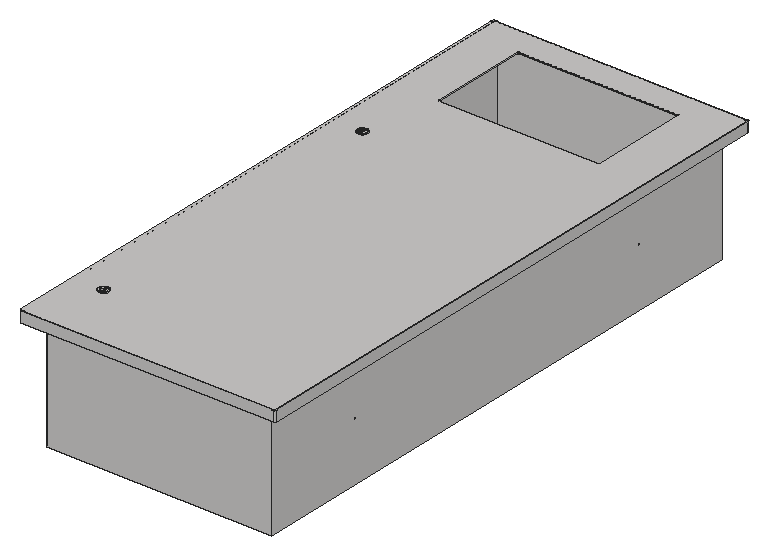
Revit family "Waste_Receptacle-Bobrick-TrimLineSeries-B-35643", category Specialty Equipment, host Face, Revit 2019
Family settings
  Host = Face
  Round Connector Dimension = Use Diameter
  Part Type = Normal
  OmniClass Number = 23.40.20.31
  OmniClass Title = Refuse Disposal Furniture
  Cut with Voids When Loaded = No
  Shared = Yes
  Room Calculation Point = No
Parameters (values of type "B-35643")
  Width = 17 5/16"
  Warranty Information = "1 Year Limited Warranty"
  Warranty Documentation Link = "https://www.bobrick.com/wp-content/uploads/product_warranties-6.pdf"
  URL = "http://bobrick.com/"
  Type Comments = ""
  Specification = "Recessed waste receptacle shall be Type-304 stainless steel with all-welded construction; exposed surfaces shall have satin fi nish. Door shall be Type-304, 18 gauge (1.2mm) secured to cabinet with a concealed, full-length stainless steel piano-hinge, cable door-swing limiter and equipped with two tumbler locks keyed like other Bobrick washroom accessories. Waste receptacle shall be furnished with a removable, leak-proof, rigid molded plastic waste-container with a minimum capacity of 12-gal. (45.4-L)."
  Revised Date = "11/03/2020"
  Product Page URL = "https://www.bobrick.com/products/washroom-accessories/washroom-accessories-catalog/product/b-35643/"
  Product Documentation Link = "https://www.bobrick.com/wp-content/uploads/B-35643_td.pdf"
  Price = "Prices may vary. Please consult Manufacturer Representative for most up-to-date price list."  # constant formula
  Model = "B-35643"
  Materials = "Stainless Steel-Bobrick-Type 304-Satin"
  Manufacturer = "Bobrick Washroom Equipment, Inc."
  Length = 8 3/8"
  Installation Type = "Recessed"
  Height = 40 1/16"
  Finish = Stainless Steel-Bobrick-Type 304-Satin
  Description = "TrimLineSeries™ Recessed Waste Receptacle"
  Default Elevation = 48"
  Creation Date = "05/31/2017"
  Assembly Code = "E1090900"
  ADA Compliant = yes
Reference planes (in)
  plane 1 "Center (Front/Back)": y = 0
  plane 2: z = 0
  plane 3 "Center (Left/Right)": x = 0
  plane 4: x = -8.65625
  plane 5: x = 8.65625
  plane 6: y = -38.0625
  plane 7: y = -19.03125
  plane 8: y = 1
  plane 9: y = -39.0625
  plane 10: z = 7.5
  plane 11: z = -7.625
  plane 12: z = 0.75
  plane 13: x = -7.625
  plane 14: x = 7.625
  plane 15: y = -31.0625
  plane 16: y = -7.0625
  plane 17: z = -3.625
Forms (in)
  Sweep 1, solid, material "Stainless Steel-Bobrick-Type 304-Satin" <- "Finish"
    path origin (9.88933, 33.1857, 0) x (1, 0, 0) y (0, 1, 0)
      loop
        arc (-18.42058, -32.1857) -> (-18.50897, -32.22231) -> (-18.54558, -32.3107) r 0.125
        line (-18.54558, -32.3107) -> (-18.54558, -72.1232)
        arc (-18.54558, -72.1232) -> (-18.50897, -72.21159) -> (-18.42058, -72.2482) r 0.125
        line (-18.42058, -72.2482) -> (-1.35808, -72.2482)
        arc (-1.35808, -72.2482) -> (-1.26969, -72.21159) -> (-1.23308, -72.1232) r 0.125
        line (-1.23308, -72.1232) -> (-1.23308, -32.3107)
        arc (-1.23308, -32.3107) -> (-1.26969, -32.22231) -> (-1.35808, -32.1857) r 0.125
        line (-1.35808, -32.1857) -> (-18.42058, -32.1857)
    profile origin (0, 1, 0) x (0, 1, 0) y (0, 0, 1)
      loop
        line (0, 0) -> (0, 0.71875)
        arc (0, 0.71875) -> (-0.00915, 0.74085) -> (-0.03125, 0.75) r 0.03125
        line (-0.03125, 0.75) -> (-0.12391, 0.75) -> (-0.12391, 0) -> (0, 0)
  Extrusion 2, solid, material "Stainless Steel-Bobrick-Type 304-Satin" <- "Finish"
    sketch origin (0, 0, 0) x (1, 0, 0) y (0, 1, 0)
      loop
        line (-7.625, -38.0625) -> (7.625, -38.0625) -> (7.625, 0) -> (-7.625, 0) -> (-7.625, -38.0625)
      loop
        line (7.59375, -0.03125) -> (-7.59375, -0.03125) -> (-7.59375, -38.03125) -> (7.59375, -38.03125) -> (7.59375, -0.03125)
    from -7.625 to 0.625
  Extrusion 3, solid, material "Stainless Steel-Bobrick-Type 304-Satin" <- "Finish"
    sketch origin (0, 0, 0) x (1, 0, 0) y (0, 1, 0)
      loop
        line (-7.625, 0) -> (-7.625, -38.0625) -> (7.625, -38.0625) -> (7.625, 0) -> (-7.625, 0)
    from -7.625 to -7.5625
  Extrusion 4, solid, material "Stainless Steel-Bobrick-Type 304-Satin" <- "Finish"
    sketch origin (0, 0, 0.6875) x (1, 0, 0) y (0, 1, 0)
      loop
        line (-8.53234, 0.87609) -> (-8.53234, -38.93859) -> (8.53234, -38.93859) -> (8.53234, 0.87609) -> (-8.53234, 0.87609)
      loop
        arc (5.46875, -1.02196) -> (5.43214, -0.93357) -> (5.34375, -0.89696) r 0.125
        line (5.34375, -0.89696) -> (-5.34375, -0.89696)
        arc (-5.34375, -0.89696) -> (-5.43214, -0.93357) -> (-5.46875, -1.02196) r 0.125
        line (-5.46875, -1.02196) -> (-5.46875, -7.52196)
        arc (-5.46875, -7.52196) -> (-5.43214, -7.61035) -> (-5.34375, -7.64696) r 0.125
        line (-5.34375, -7.64696) -> (5.34375, -7.64696)
        arc (5.34375, -7.64696) -> (5.43214, -7.61035) -> (5.46875, -7.52196) r 0.125
        line (5.46875, -7.52196) -> (5.46875, -1.02196)
    from 0 to 0.0625
  Extrusion 5, void
    sketch origin (0, 0, 0) x (0, 1, 0) y (0, 0, 1)
      loop
        circle (-31.0625, -3.625) r 0.10937
      loop
        circle (-7.0625, -3.625) r 0.10937
    from -7.625 to 7.625
  Extrusion 6, void
    sketch origin (0, 0, 0) x (1, 0, 0) y (0, 1, 0)
      loop
        line (-7.75, 0.125) -> (-7.75, -38.1875) -> (7.75, -38.1875) -> (7.75, 0.125) -> (-7.75, 0.125)
    from -7.71381 to 0
  Extrusion 7, void
    sketch origin (-11.2758, 3.49327, 0.1875) x (-1, 0, 0) y (0, -1, 0)
      loop
        line (-4.78434, 15.987) -> (-4.70234, 15.987) -> (-4.70234, 16.10642)
        arc (-4.70234, 16.10642) -> (-4.61659, 16.22543) -> (-4.70234, 16.34445) r 0.12547
        line (-4.70234, 16.34445) -> (-4.70234, 16.377) -> (-4.78434, 16.377) -> (-4.78434, 16.34356)
        arc (-4.78434, 16.34356) -> (-4.86753, 16.22543) -> (-4.78434, 16.1073) r 0.12547
        line (-4.78434, 16.1073) -> (-4.78434, 15.987)
      loop
        line (-4.72772, 16.01825) -> (-4.72772, 16.34575) -> (-4.75897, 16.34575) -> (-4.75897, 16.01825) -> (-4.72772, 16.01825)
    from 0.53249 to 0.58531
  Revolve 8, solid, material "Stainless Steel-Bobrick-Type 304-Satin" <- "Finish"
    sketch origin (-6.54134, -14.01889, -3.48742) x (0, -1, 0) y (0, 0, 1)
      loop
        line (-1.31454, 3.98742) -> (-0.97157, 3.98742) -> (-0.97157, 4.23742) -> (-1.00305, 4.20594)
        arc (-1.00305, 4.20594) -> (-1.01228, 4.2282) -> (-1.03454, 4.23742) r 0.03148
        line (-1.03454, 4.23742) -> (-1.31454, 4.23742) -> (-1.31454, 3.98742)
      axis (-1.31454, 3.98742) -> (-1.31454, 4.23742)
    angle from 0 to 360
  Extrusion 9, void
    sketch origin (-11.2758, -18.38439, 0.1875) x (-1, 0, 0) y (0, -1, 0)
      loop
        line (-4.78434, 15.987) -> (-4.70234, 15.987) -> (-4.70234, 16.10642)
        arc (-4.70234, 16.10642) -> (-4.61659, 16.22543) -> (-4.70234, 16.34445) r 0.12547
        line (-4.70234, 16.34445) -> (-4.70234, 16.377) -> (-4.78434, 16.377) -> (-4.78434, 16.34356)
        arc (-4.78434, 16.34356) -> (-4.86753, 16.22543) -> (-4.78434, 16.1073) r 0.12547
        line (-4.78434, 16.1073) -> (-4.78434, 15.987)
      loop
        line (-4.72772, 16.01825) -> (-4.72772, 16.34575) -> (-4.75897, 16.34575) -> (-4.75897, 16.01825) -> (-4.72772, 16.01825)
    from 0.53249 to 0.58531
  Revolve 10, solid, material "Stainless Steel-Bobrick-Type 304-Satin" <- "Finish"
    sketch origin (-6.54134, -35.89656, -3.48742) x (0, -1, 0) y (0, 0, 1)
      loop
        line (-1.31454, 3.98742) -> (-0.97157, 3.98742) -> (-0.97157, 4.23742) -> (-1.00305, 4.20594)
        arc (-1.00305, 4.20594) -> (-1.01228, 4.2282) -> (-1.03454, 4.23742) r 0.03148
        line (-1.03454, 4.23742) -> (-1.31454, 4.23742) -> (-1.31454, 3.98742)
      axis (-1.31454, 3.98742) -> (-1.31454, 4.23742)
    angle from 0 to 360
Cuts and joins
  Extrusion 5, Extrusion 7, Extrusion 9 cuts Sweep 1
  Extrusion 5, Extrusion 7, Extrusion 9 cuts Extrusion 2
  Extrusion 5, Extrusion 7, Extrusion 9 cuts Extrusion 3
  Extrusion 5, Extrusion 7, Extrusion 9 cuts Extrusion 4
  joined: Sweep 1, Extrusion 2, Extrusion 3, Extrusion 4
  Extrusion 7, Extrusion 9 cuts Revolve 8
  Extrusion 9 cuts Revolve 10
Lines and regions (in)
  Masking region 1
    outline origin (0, 0, 1.32134) x (1, 0, 0) y (0, 0, 1)
      loop
        line (-8.65625, -1.32134) -> (-7.625, -1.32134) -> (-7.625, -8.94634) -> (7.625, -8.94634) -> (7.625, -1.32134) -> (8.65625, -1.32134) -> (8.65625, -0.60334)
        arc (8.65625, -0.60334) -> (8.64688, -0.58071) -> (8.62425, -0.57134) r 0.032
        line (8.62425, -0.57134) -> (-6.11014, -0.57134) -> (-8.62425, -0.57134)
        arc (-8.62425, -0.57134) -> (-8.64688, -0.58071) -> (-8.65625, -0.60334) r 0.032
        line (-8.65625, -0.60334) -> (-8.65625, -1.32134)
  symbolic lines, detail levels medium+fine
    curve 1: line (-6.11014, 0, 0.75) -> (-6.95236, 0, 0.75)
    curve 2: line (7.625, 0, 0) -> (-7.625, 0, 0)
Dimensions and locks (in)
  plane 16 to plane 15 = 24"
  plane 15 to plane 6 = 7"
  "Width": plane 4 to plane 5
  "Height": plane 9 to plane 8
  "Length": plane 11 to plane 12
  aligned and locked: plane 2 to host face
  aligned and locked: level to host face
  aligned and locked: plane 11 to Extrusion 3
  aligned and locked: plane 11 to Extrusion 2
  aligned and locked: level to Extrusion 6
Automatic sketch dimensions
  host sketch curve to host sketch curve = 96"
  host sketch curve to host sketch curve = 133.38643"
  Sweep 1 sketch curve to plane 4 = 0"
  plane 9 to Sweep 1 sketch curve = 0"
  plane 8 to Sweep 1 sketch curve = 0"
  Sweep 1 sketch curve to plane 5 = 0"
  plane 4 to Sweep 1 sketch curve = 1/8"  (x2)
  Sweep 1 sketch curve to plane 5 = 1/8"  (x2)
  Sweep 1 sketch curve to profile plane = 0"  (x2)
  profile plane to Sweep 1 sketch curve = 1/32"
  profile plane to Sweep 1 sketch curve = 0.12391"
  profile plane to Sweep 1 sketch curve = 23/32"
  plane 1 "Center (Front/Back)" to Extrusion 2 sketch curve = 0"
  Extrusion 2 sketch curve to plane 13 = 0"
  Extrusion 2 sketch curve to plane 14 = 0"
  plane 6 to Extrusion 2 sketch curve = 0"
  plane 13 to Extrusion 2 sketch curve = 1/32"
  Extrusion 2 sketch curve to plane 14 = 1/32"
  Extrusion 2 sketch curve to plane 6 = 1/32"
  plane 1 "Center (Front/Back)" to Extrusion 2 sketch curve = 1/32"
  plane 6 to Extrusion 3 sketch curve = 0"
  plane 1 "Center (Front/Back)" to Extrusion 3 sketch curve = 0"
  plane 4 to Extrusion 3 sketch curve = 1 1/32"
  Extrusion 3 sketch curve to plane 5 = 1 1/32"
  plane 4 to Extrusion 4 sketch curve = 0.12391"
  plane 1 "Center (Front/Back)" to Extrusion 4 sketch curve = 1.02196"
  plane 4 to Extrusion 4 sketch curve = 3 3/16"
  Extrusion 4 sketch curve to Extrusion 4 sketch curve = 1/8"  (x3)
  plane 16 to Extrusion 4 sketch curve = 0.58446"
  Extrusion 4 sketch curve to plane 5 = 3 5/16"  (x2)
  Extrusion 4 sketch curve to plane 5 = 0.12391"
  Extrusion 4 sketch curve to plane 9 = 0.12391"
  plane 8 to Extrusion 4 sketch curve = 0.12391"
  Extrusion 5 sketch curve to plane 15 = 0"
  Extrusion 5 sketch curve to plane 16 = 0"
  plane 17 to Extrusion 5 sketch curve = 0"  (x2)
  plane 6 to Extrusion 6 sketch curve = 1/8"
  plane 4 to Extrusion 6 sketch curve = 29/32"
  Extrusion 6 sketch curve to plane 5 = 29/32"
  Extrusion 6 sketch curve to plane 1 "Center (Front/Back)" = 1/8"
  curve 2 to level = 0"
  curve 1 to plane 12 = 0"
  plane 4 to curve 2 = 1 1/32"
  curve 2 to curve 1 = 0.67264"
  curve 2 to plane 5 = 1 1/32"
  Extrusion 7 sketch curve to Extrusion 7 sketch curve = 0"  (x3)
  plane 4 to Extrusion 7 sketch curve = 2.16479"
  Extrusion 7 sketch curve to Extrusion 7 sketch curve = 0.02538"  (x3)
  Extrusion 7 sketch curve to Extrusion 7 sketch curve = 0.01691"
  Extrusion 7 sketch curve to Extrusion 7 sketch curve = 1/32"  (x2)
  plane 16 to Extrusion 7 sketch curve = 5.43122"
  Extrusion 7 sketch curve to Extrusion 7 sketch curve = 0.08817"
  Extrusion 7 sketch curve to Extrusion 7 sketch curve = 0.00089"
  Extrusion 7 sketch curve to Extrusion 7 sketch curve = 0.11813"
  Extrusion 7 sketch curve to Extrusion 7 sketch curve = 0.0013"
  Extrusion 7 sketch curve to Extrusion 7 sketch curve = 0.03255"
  plane 12 to Revolve 8 sketch curve = 0"  (x3)
  plane 12 to Revolve 8 sketch curve = 1/4"
  plane 16 to Revolve 8 sketch curve = 5.64186"
  plane 12 to Revolve 8 sketch curve = 0.03148"
  Revolve 8 sketch curve to Revolve 8 sketch curve = 0.28"
  Revolve 8 sketch curve to Revolve 8 sketch curve = 0.03148"
  Revolve 8 sketch curve to Revolve 8 sketch curve = 0"
  Revolve 8 sketch curve to Revolve 8 sketch curve = 0.11448"
  Extrusion 9 sketch curve to Extrusion 9 sketch curve = 0"  (x3)
  plane 4 to Extrusion 9 sketch curve = 2.16479"
  Extrusion 9 sketch curve to Extrusion 9 sketch curve = 0.02538"  (x3)
  Extrusion 9 sketch curve to Extrusion 9 sketch curve = 0.01691"
  Extrusion 9 sketch curve to Extrusion 9 sketch curve = 1/32"  (x2)
  plane 15 to Extrusion 9 sketch curve = 3.30889"
  Extrusion 9 sketch curve to Extrusion 9 sketch curve = 0.08817"
  Extrusion 9 sketch curve to Extrusion 9 sketch curve = 0.00089"
  Extrusion 9 sketch curve to Extrusion 9 sketch curve = 0.11813"
  Extrusion 9 sketch curve to Extrusion 9 sketch curve = 0.0013"
  Extrusion 9 sketch curve to Extrusion 9 sketch curve = 0.03255"
  plane 12 to Revolve 10 sketch curve = 0"  (x3)
  plane 12 to Revolve 10 sketch curve = 1/4"
  Revolve 10 sketch curve to plane 6 = 3 123/256"
  plane 12 to Revolve 10 sketch curve = 0.03148"
  Revolve 10 sketch curve to Revolve 10 sketch curve = 0.28"
  Revolve 10 sketch curve to Revolve 10 sketch curve = 0.03148"
  Revolve 10 sketch curve to Revolve 10 sketch curve = 0"
  Revolve 10 sketch curve to Revolve 10 sketch curve = 0.11448"
  Masking region 1 sketch curve to plane 4 = 0"
  Masking region 1 sketch curve to level = 0"  (x2)
  Masking region 1 sketch curve to plane 11 = 0"
  Masking region 1 sketch curve to plane 12 = 0"
  Masking region 1 sketch curve to plane 5 = 0"
  plane 4 to Masking region 1 sketch curve = 0.032"
  Masking region 1 sketch curve to Masking region 1 sketch curve = 1 1/32"  (x2)
  Masking region 1 sketch curve to Masking region 1 sketch curve = 0.032"
  Masking region 1 sketch curve to Masking region 1 sketch curve = 1.51486"
  curve 1 to curve 1 = 0.84222"
  radius of Extrusion 5 sketch curve = 7/64"  (x2)
